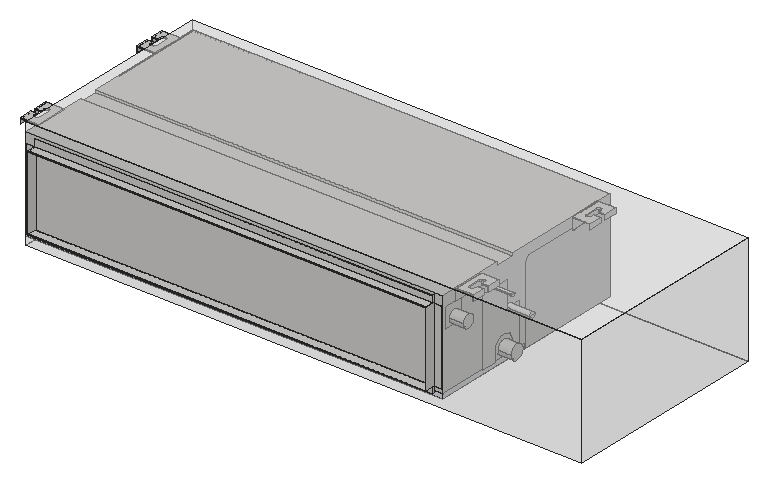
Revit family "outputfile", category 機械設備, Revit 2024
Family settings
  丸型コネクタ寸法 = 半径を使用
  パーツ タイプ = 標準
  OmniClass 番号 = 23.75.10.24.21.27.27
  OmniClass タイトル = Split System Air Conditioning Units
  作業面ベース = いいえ
  常に垂直 = はい
  ロード時にボイドで切り取り = いいえ
  注釈の向きを維持 = いいえ
  共有 = いいえ
  部屋計算ポイント = はい
Parameters (values of type "FXDQ40SPV1")
  Description = ""
  製造元 = "Daikin"
  書き出し IFC クラス(タイプ) = "IfcUnitaryEquipmentType"
  定義済み IFC タイプ(タイプ) = "AIRCONDITIONINGUNIT"
  Cost = 0
  モデル = "FXDQ40SPV1"
  Type Comments = ""
  Keynote = ""
  Type Image = (empty or 0)
  Assembly Code = ""
  w_pipe = 33.0 mm
  r_Liquid Pipe Size = Liquid Pipe Size / 2  # 3.2 mm
  r_Gas Pipe Size = Gas Pipe Size / 2  # 6.35 mm
  r_Drain Pipe Size = Drain Pipe Size / 2  # 10.0 mm
  lw_powersupply = 404.0 mm
  lw_ductflange2 = 830.0 mm
  lw_clearancespace = 1200.0 mm
  lw_Width = 860.0 mm
  lh_suctionflange [instance] = if(Rear Connection_Return Air, 100.0 mm, 190.0 mm)  # 100.0 mm
  lh_liquidpipe = 154.5 mm
  ld_suctionflange [instance] = if(Rear Connection_Return Air, 190.0 mm, 100.0 mm)  # 190.0 mm
  ld_powersupply = 60.0 mm
  angle_vertical_RA [instance] = if(Rear Connection_Return Air, 90.00°, 0.00°)  # 90.00°
  angle horizontal_RA [instance] = if(Rear Connection_Return Air, 180.00°, 270.00°)  # 180.00°
  Voltage_comment_50Hz = "220-240"
  Voltage_50Hz = 230 V
  URL = ""
  Supply Air Direction [instance] = yes
  Sound Power Level_H speed (dB) = 0
  Rear Connection_Return Air [instance] = not(Bottom Connection_Return Air)  # yes
  RA_length = 190.0 mm  # constant formula
  Phase_50Hz = 1
  Minimum External Static Pressure = 20.00 Pa
  Minimum Circuit Amps_50Hz = 1.1 A
  Maximum Fuse Amps_50Hz = 16.0 A
  Maximum External Static Pressure = 50.00 Pa
  Material_Casing = DAIKIN_GalvanizedSteel_Casing_indoorunit
  lw_liquidpipe = 39.2 mm  # constant formula
  lw_gaspipe = 50.6 mm  # constant formula
  lw_mountinghole_pitch = 940.0 mm
  lw_mountinghole = 20.0 mm  # constant formula
  lw_drainpipe = 33.0 mm  # constant formula
  lh_powersupply = 10.0 mm
  lh_gaspipe = 102.0 mm
  lh_mountinghole = Height + [h***]  # 200.0 mm
  lh_drainpipe = 150.0 mm
  lh_antena = 1.0 mm  # constant formula
  ld_liquidpipe = 193.0 mm  # constant formula
  ld_gaspipe = 130.0 mm  # constant formula
  ld_mountinghole_pitch = 0.0 mm  # constant formula
  ld_drainpipe = 280.0 mm
  ld_controlbox = 626.0 mm  # constant formula
  h*** = 0.0 mm  # constant formula
  d_dischargeflange = 21.2 mm  # constant formula
  Width = 900.0 mm
  Version = "ver.1.0"
  Unit Type = "Slim Duct (Standard) Type"
  Unit Mass Weight = 20.00 kg
  Unit Designation [instance] = ""
  Uniclass2015Version = "Products v1.30"
  Uniclass2015Title = "Variable refrigerant flow units"
  Uniclass2015Code = "Pr_70_65_03_94"
  Total Heating Capacity [instance] = 0.000 kW
  Total Cooling Capacity [instance] = 0.000 kW
  Sound Pressure Level_M speed (dBA) = 0
  Sound Pressure Level_L speed (dBA) = 31
  Sound Pressure Level_H speed (dBA) = 35
  Series = "VRV Fan Coil Unit"
  Sensible Cooling Capacity [instance] = 0.000 kW
  SA Duct Size Width = 860.0 mm
  SA Duct Size Height = 160.0 mm
  Refrigerant Type = "R410A"
  RA Duct Size Width = 796.0 mm
  RA Duct Size Height = 172.0 mm
  Power Input (Heating) = 0.152 kW
  Power Input (Cooling) = 0.180 kW
  Option Accessory 3 [instance] = ""
  Option Accessory 2 [instance] = ""
  Option Accessory 1 [instance] = ""
  Nominal Heating Capacity = 5.000 kW
  Nominal Cooling Capacity = 4.500 kW
  Minimum Airflow = 630.00 m³/h
  Median Airflow = 780.00 m³/h
  Maximum Airflow = 900.00 m³/h
  Load Classification = HVAC
  Liquid Pipe Size = 6.4 mm
  Link_Nested Family [instance] = ""
  IfcVersion = "0"
  IfcExportType = "AIRCONDITIONINGUNIT"
  IfcExportAs = "IfcUnitaryEquipmentType"
  Height = 200.0 mm
  Heating Entering Wet Bulb Temperature [instance] = 0.00 °C
  Heating Entering Dry Bulb Temperature [instance] = 0.00 °C
  Heating Ambient Wet Bulb Temperature [instance] = 0.00 °C
  Heating Ambient Dry Bulb Temperature [instance] = 0.00 °C
  Heat Exchanger Type = "Cross Fin Coil"
  Gas Pipe Size = 12.7 mm
  Frequency_50Hz = 50 Hz
  Fan Type = "Sirocco Fan"
  Fan Drive = "Direct Drive"
  FCU Tag No. [instance] = ""
  Drain Pipe Size = 20.0 mm
  Design Supply Airflow [instance] = 0.00 m³/h
  Design Return Airflow [instance] = 0.00 m³/h
  Design External Static Pressure [instance] = 0.00 Pa
  Depth = 450.0 mm
  既定の高さ = 0.0 mm
  Cooling Entering Wet Bulb Temperature [instance] = 0.00 °C
  Cooling Entering Dry Bulb Temperature [instance] = 0.00 °C
  Cooling Ambient Wet Bulb Temperature [instance] = 0.00 °C
  Cooling Ambient Dry Bulb Temperature [instance] = 0.00 °C
  Clearance visibility [instance] = yes
  Clearance Top = 20.0 mm
  Clearance Right = 300.0 mm
  Clearance Rear = 0.0 mm
  Clearance Left = 0.0 mm
  Clearance Front = 0.0 mm
  Clearance Bottom = 20.0 mm
  Bottom Connection_Return Air [instance] = no
Reference planes
  plane 1 "Center (Front/Back)": y = 0
  plane 2: z = 0
  plane 3 "Center (Left/Right)": x = 0
  plane 4 "Back": y = 225
  plane 5 "Front": y = -225
  plane 6 "Left": x = -450
  plane 7 "Right": x = 450
  plane 8 "Top": z = 0
  plane 9 "Bottom": z = -200
  plane 10: x = 330
  plane 11: x = -330
  plane 12: z = -190
  plane 13: z = -6
  plane 14: z = -22
  plane 15: z = -45.5
  plane 16: z = -98
  plane 17: x = -304
  plane 18: x = 304
  plane 19: x = -470
  plane 20: x = 470
  plane 21: y = 165
  plane 22: y = 165
  plane 23: x = -490
  plane 24: x = 390
  plane 25: x = 489.2
  plane 26: x = 500.6
  plane 27: x = 483
  plane 28: z = 0
  plane 29: z = -50
  plane 30 "Clearance Left": x = -450
  plane 31 "Clearance Right": x = 750
  plane 32 "Clearance Rear": y = 225
  plane 33 "Clearance Front": y = -225
  plane 34 "Clearance Top": z = 20
  plane 35 "Clearance Bottom": z = -220
  plane 36: z = -21
  plane 37: z = -170
  plane 38: z = -96.5
  plane 39: y = -46.5
  plane 40: y = -84
  plane 41: y = -197
  plane 42: y = 20
  plane 43: z = -97.5
  plane 44: y = -224
  plane 45: x = -449
  plane 46: z = -100
  plane 47: z = -30
  plane 48: y = 210
  plane 49: z = 301
  plane 50: z = -199
  plane 51: y = 35
  plane 52: z = -101
  plane 53: x = 480
  plane 54: x = 445
  plane 55: x = 455
  plane 56: x = 451
  plane 57: x = 379
  plane 58: x = 449.004
  plane 59: x = -449
  plane 60: x = 404
  plane 61: y = -157.5
  plane 62: y = 157.5
  plane 63: z = -98
  plane 64: z = -45.5
  plane 65: y = -62
  plane 66: y = 224
  plane 67: x = -35
  plane 68: x = 500.6
  plane 69: x = 489.2
Forms (mm)
  Extrusion 1, solid
    sketch origin (0, 0, 0) x (1, 0, 0) y (0, 0, 1)
      loop
        line (-450, -190) -> (-450, -200) -> (450, -200) -> (450, -190) -> (-450, -190)
    from 4.986 to 225
  Extrusion 2, solid, material "DAIKIN_GalvanizedSteel_Casing_indoorunit" <- "Material_Casing"
    sketch origin (0, 0, 0) x (1, 0, 0) y (0, 1, 0)
      loop
        line (-450, -225) -> (450, -225) -> (450, 225) -> (-450, 225) -> (-450, -225)
    from -200 to 0
  Extrusion 3, void
    sketch origin (0, 0, 1) x (1, 0, 0) y (0, 1, 0)
      loop
        line (-450, -36) -> (-450, -78) -> (450, -78) -> (450, -36) -> (-450, -36)
    from -1 to -7
  Revolve 4, solid, material "DAIKIN_GalvanizedSteel_Casing_indoorunit" <- "Material_Casing"
    sketch origin (0, 0, -98) x (0, -1, 0) y (1, 0, 0)
      loop
        line (40.15, 451) -> (46.5, 451) -> (46.5, 500.6) -> (40.15, 500.6) -> (40.15, 451)
      axis (46.5, 451) -> (46.5, 500.6)
    angle from 0 to 360
  Revolve 5, solid, material "DAIKIN_GalvanizedSteel_Casing_indoorunit" <- "Material_Casing"
    sketch origin (0.442, 0, -45.5) x (0, -1, 0) y (1, 0, 0)
      loop
        line (84, 451) -> (84, 488.758) -> (80.8, 488.758) -> (80.8, 451) -> (84, 451)
      axis (84, 488.758) -> (84, 451)
    angle from 0 to 360
  Extrusion 6, solid, material "DAIKIN_GalvanizedSteel_Casing_indoorunit" <- "Material_Casing"
    sketch origin (0, 0, -700) x (0, 1, 0) y (0, 0, 1)
      loop
        circle (-62, 530) r 15
    from 480 to 445
  Extrusion 7, solid, material "DAIKIN_GalvanizedSteel_Casing_indoorunit" <- "Material_Casing"
    sketch origin (0, 0, 0) x (0, 1, 0) y (0, 0, 1)
      loop
        line (-217.5, -66.5) -> (-176.5, -66.5) -> (-176.5, -25.5) -> (-217.5, -25.5) -> (-217.5, -66.5)
    from 450 to 451
  Extrusion 8, solid, material "DAIKIN_GalvanizedSteel_Casing_indoorunit" <- "Material_Casing"
    sketch origin (0, 0, 0) x (0, 1, 0) y (0, 0, 1)
      loop
        circle (-197, -50) r 13
    from 450 to 483
  Extrusion 9, solid, material "DAIKIN_GalvanizedSteel_Casing_indoorunit" <- "Material_Casing"
    sketch origin (0, 0, 0) x (1, 0, 0) y (0, 0, 1)
      loop
        line (-450, -190) -> (-450, -200) -> (450, -200) -> (450, -190) -> (-450, -190)
    from 4.986 to 225
  Extrusion 10, solid, material "DAIKIN_GalvanizedSteel_Casing_indoorunit" <- "Material_Casing", visible <- "Bottom Connection_Return Air"
    sketch origin (0, 0, 0) x (1, 0, 0) y (0, 0, 1)
      loop
        line (379, -200) -> (379, -1) -> (-449, -1) -> (-449, -200) -> (379, -200)
    from -225 to -224
  Extrusion 11, solid, material "DAIKIN_GalvanizedSteel_Casing_indoorunit" <- "Material_Casing", visible <- "Rear Connection_Return Air"
    sketch origin (0, 0, 0) x (1, 0, 0) y (0, 1, 0)
      loop
        line (-449, 225) -> (-449, 26) -> (379, 26) -> (379, 225) -> (-449, 225)
    from -200 to -199
  Extrusion 12, solid, material "DAIKIN_GalvanizedSteel_Casing_indoorunit" <- "Material_Casing"
    sketch origin (0, 0, 0) x (0, 1, 0) y (0, 0, 1)
      loop
        line (-1, -199) -> (225, -199) -> (225, -22) -> (193.393, -22) -> (192.179, -26.532) -> (123.882, -26.532) -> (121.769, -22) -> (6.769, -22) -> (-1, -29.769) -> (-1, -199)
    from 451 to 450
  Extrusion 13, solid, material "DAIKIN_GalvanizedSteel_Casing_indoorunit" <- "Material_Casing"
    sketch origin (0, 0, 0) x (0, 1, 0) y (0, 0, 1)
      loop
        line (-117, -45.5) -> (-117, -190) -> (-22, -190) -> (-22, -98) -> (-40.15, -98)
        arc (-40.15, -98) -> (-46.5, -104.35) -> (-52.85, -98) r 6.35
        line (-52.85, -98) -> (-52.85, -45.5) -> (-80.8, -45.5)
        arc (-80.8, -45.5) -> (-84, -48.7) -> (-87.2, -45.5) r 3.2
        line (-87.2, -45.5) -> (-117, -45.5)
    from 451 to 450
  Extrusion 14, void
    sketch origin (0, 0, 0) x (0, 1, 0) y (0, 0, 1)
      loop
        line (-87, -190) -> (-37, -190) -> (-37, -170)
        arc (-37, -170) -> (-62, -145) -> (-87, -170) r 25
        line (-87, -170) -> (-87, -190)
    from 450 to 451
  Extrusion 15, void
    sketch origin (0, 0, 0) x (1, 0, 0) y (0, 0, 1)
      loop
        line (-449, -1) -> (-449, -209.43) -> (379, -209.43) -> (379, -1) -> (-449, -1)
    from -225 to -26
Cuts and joins
  Extrusion 3, Extrusion 14, Extrusion 15 cuts Extrusion 2
  Extrusion 14, Extrusion 15 cuts Extrusion 9
  Extrusion 14 cuts Extrusion 13
Dimensions and locks
  "lh_powersupply": plane 12 to plane 9 "Bottom"
  locked: plane 8 "Top" to plane 13 at 6
  "Height": plane 8 "Top" to plane 9 "Bottom"
  equal spacing: plane 17, plane 3 "Center (Left/Right)", plane 18, locked at 304 each
  locked: plane 17 to plane 18 at 608
  equal spacing: plane 19, plane 3 "Center (Left/Right)", plane 20
  "lw_mountinghole_pitch": plane 19 to plane 20
  locked: plane 14 to plane 9 "Bottom" at 178
  "lw_mountinghole": plane 23 to plane 19
  locked: plane 15 to plane 9 "Bottom" at 154.5
  "lh_gaspipe": plane 16 to plane 9 "Bottom"
  "lh_mountinghole": plane 28 to plane 9 "Bottom"
  "ld_mountinghole_pitch": plane 22 to plane 21
  equal spacing: plane 6 "Left", plane 3 "Center (Left/Right)", plane 7 "Right"
  "Width": plane 6 "Left" to plane 7 "Right"
  "lh_drainpipe": plane 29 to plane 9 "Bottom"
  "Clearance Right": plane 7 "Right" to plane 31 "Clearance Right"
  "Clearance Left": plane 30 "Clearance Left" to plane 6 "Left"
  "lw_gaspipe": plane 7 "Right" to plane 26
  "lw_liquidpipe": plane 7 "Right" to plane 25
  "lw_drainpipe": plane 7 "Right" to plane 27
  "Clearance Rear": plane 32 "Clearance Rear" to plane 4 "Back"
  "Clearance Front": plane 5 "Front" to plane 33 "Clearance Front"
  "Clearance Top": plane 34 "Clearance Top" to plane 8 "Top"
  "Clearance Bottom": plane 9 "Bottom" to plane 35 "Clearance Bottom"
  "ld_powersupply": plane 4 "Back" to plane 22
  locked: plane 8 "Top" to plane 36 at 21
  locked: plane 8 "Top" to plane 37 at 170
  locked: plane 40 to plane 39 at 37.5
  locked: plane 38 to plane 9 "Bottom" at 103.5
  locked: plane 36 to plane 43 at 76.5
  "Depth": plane 4 "Back" to plane 5 "Front"
  equal spacing: plane 4 "Back", plane 1 "Center (Front/Back)", plane 5 "Front"
  locked: plane 44 to plane 5 "Front" at 1
  locked: plane 45 to plane 6 "Left" at 1
  Extrusion 10 sketch curve to Extrusion 10 sketch curve = 199.0 mm
  locked: plane 12 to plane 46 at 90
  plane 32 "Clearance Rear" to Extrusion 10 = 1.0 mm
  locked: plane 47 to plane 35 "Clearance Bottom" at 190
  plane 48 to nested 12 = 1.0 mm
  plane 49 to plane 28 = 301.0 mm
  locked: plane 50 to plane 9 "Bottom" at 1
  "ld_suctionflange": plane 4 "Back" to plane 51
  locked: plane 52 to plane 9 "Bottom" at 99
  locked: plane 7 "Right" to plane 53 at 30
  locked: plane 54 to plane 7 "Right" at 5
  locked: plane 7 "Right" to plane 55 at 5
  locked: plane 7 "Right" to plane 56 at 1
  locked: plane 7 "Right" to plane 57 at 71
  locked: plane 7 "Right" to plane 58 at 0.996
  locked: plane 59 to plane 6 "Left" at 1
  "lw_powersupply": plane 3 "Center (Left/Right)" to plane 60
  "r_Gas Pipe Size": nested 6 to Revolve 4 sketch curve
  "r_Liquid Pipe Size": nested 5 to Revolve 5 sketch curve
  locked: plane 61 to plane 33 "Clearance Front" at 67.5
  locked: plane 62 to plane 61 at 315
  locked: plane 33 "Clearance Front" to plane 41 at 28
  plane 33 "Clearance Front" to plane 40 = 141.0 mm
  locked: Extrusion 7 sketch curve to Extrusion 7 sketch curve at 41  (x2)
  locked: plane 8 "Top" to plane 64 at 45.5
  plane 64 to plane 63 = 52.5 mm
  locked: plane 33 "Clearance Front" to plane 65 at 163
  plane 33 "Clearance Front" to cut or joined group of Extrusion 2, Extrusion 3, Extrusion 14, Extrusion 15 = 147.0 mm
  nested 12 to plane 67 = 398.0 mm
  "ld_suctionflange": plane 4 "Back" to nested 14
  locked: plane 7 "Right" to plane 68 at 50.6
  locked: plane 7 "Right" to plane 69 at 39.2
  nested 14 to plane 9 "Bottom" = 100.0 mm
  aligned and locked: level to plane 2
  aligned and locked: Extrusion 2 to plane 9 "Bottom"
  aligned and locked: plane 8 "Top" to Extrusion 2
  aligned and locked: Revolve 4 sketch curve to Revolve 4 sketch curve
  aligned and locked: Extrusion 8 to plane 27
  aligned and locked: plane 20 to nested 2
  aligned and locked: plane 19 to nested 3
  aligned and locked: plane 19 to nested 4
  aligned and locked: nested 7 to plane 29
  aligned and locked: Extrusion 8 to nested 7
  aligned and locked: nested 7 to plane 27
  aligned and locked: nested 10 to plane 12
  aligned and locked: Extrusion 9 to plane 5 "Front"
  aligned and locked: Extrusion 9 to plane 9 "Bottom"
  aligned and locked: nested 6 to plane 16
  aligned and locked: nested 8 to plane 44
  aligned and locked: plane 39 to nested 6
  aligned and locked: plane 41 to nested 7
  aligned and locked: Extrusion 11 to nested 12
  aligned and locked: plane 8 "Top" to Extrusion 3
  aligned and locked: plane 9 "Bottom" to Extrusion 11  (x2)
  aligned and locked: Extrusion 11 to plane 50
  aligned and locked: plane 4 "Back" to nested 11
  aligned and locked: plane 32 "Clearance Rear" to nested 13  (x2)
  aligned and locked: nested 13 to plane 33 "Clearance Front"
  aligned and locked: nested 13 to plane 34 "Clearance Top"  (x2)
  aligned and locked: nested 13 to plane 35 "Clearance Bottom"  (x2)
  aligned and locked: plane 4 "Back" to Extrusion 12
  aligned and locked: Extrusion 12 to plane 50
  aligned and locked: plane 7 "Right" to Extrusion 12  (x2)
  aligned and locked: Extrusion 3 to plane 13
  aligned and locked: plane 52 to nested 8
  aligned and locked: plane 7 "Right" to cut or joined group of Extrusion 2, Extrusion 3, Extrusion 14, Extrusion 15
  aligned and locked: Extrusion 6 to plane 54
  aligned and locked: Extrusion 6 to plane 53
  aligned and locked: Extrusion 12 to plane 56
  aligned and locked: Extrusion 7 to plane 56
  aligned and locked: Extrusion 7 to plane 7 "Right"
  aligned and locked: Extrusion 8 to plane 7 "Right"
  aligned and locked: plane 3 "Center (Left/Right)" to nested 15
  aligned and locked: plane 13 to nested 15
  aligned and locked: nested 10 to plane 60
  aligned and locked: plane 20 to nested 1
  aligned and locked: plane 33 "Clearance Front" to nested 15
  aligned and locked: plane 4 "Back" to nested 10
  aligned and locked: Extrusion 2 to plane 5 "Front"
  aligned and locked: plane 3 "Center (Left/Right)" to nested 9
  aligned and locked: nested 9 to plane 1 "Center (Front/Back)"
  aligned and locked: plane 61 to nested 16
  aligned and locked: plane 62 to nested 17
  aligned and locked: nested 19 to plane 61
  aligned and locked: nested 19 to plane 6 "Left"
  aligned and locked: nested 18 to plane 62
  aligned and locked: nested 18 to plane 6 "Left"
  aligned and locked: plane 8 "Top" to nested 19
  aligned and locked: plane 8 "Top" to nested 18
  aligned and locked: plane 8 "Top" to nested 16
  aligned and locked: plane 8 "Top" to nested 17
  aligned and locked: plane 64 to Revolve 5
  aligned and locked: plane 63 to Revolve 4
  aligned and locked: plane 7 "Right" to Extrusion 13
  aligned and locked: plane 56 to Extrusion 13
  aligned and locked: plane 64 to Extrusion 13  (x2)
  aligned and locked: plane 63 to Extrusion 13
  aligned and locked: Extrusion 13 to plane 12
  aligned and locked: plane 56 to cut or joined group of Extrusion 2, Extrusion 3, Extrusion 14, Extrusion 15
  aligned and locked: cut or joined group of Extrusion 2, Extrusion 3, Extrusion 14, Extrusion 15 to plane 7 "Right"
  aligned and locked: Extrusion 6 sketch curve to plane 65
  aligned and locked: plane 37 to Extrusion 6
  aligned and locked: nested 12 to plane 59
  aligned and locked: plane 4 "Back" to Extrusion 15
  aligned and locked: nested 11 to plane 59
  aligned and locked: Extrusion 11 to plane 57
  aligned and locked: Extrusion 10 to plane 59
  aligned and locked: Extrusion 10 to plane 57
  aligned and locked: plane 67 to nested 14
  aligned and locked: nested 11 to plane 50
  aligned and locked: plane 40 to nested 5
  aligned and locked: nested 5 to plane 64
  aligned and locked: plane 31 "Clearance Right" to nested 13
  aligned and locked: plane 7 "Right" to nested 16
  aligned and locked: plane 7 "Right" to nested 17
  aligned and locked: nested 1 to plane 62
  aligned and locked: nested 2 to plane 61
  aligned and locked: nested 3 to plane 61
  aligned and locked: nested 4 to plane 62
  aligned and locked: Revolve 4 to plane 68
  aligned and locked: plane 68 to nested 6
  aligned and locked: Revolve 5 to plane 69
  aligned and locked: plane 69 to nested 5
  aligned and locked: level to plane 8 "Top"
  aligned and locked: plane 16 to plane 63
Automatic sketch dimensions
  Extrusion 1 sketch curve to plane 6 "Left" = 0.0 mm
  Extrusion 1 sketch curve to plane 7 "Right" = 0.0 mm
  Extrusion 1 sketch curve to plane 9 "Bottom" = 0.0 mm
  Extrusion 1 sketch curve to plane 12 = 0.0 mm
  Extrusion 2 sketch curve to plane 4 "Back" = 0.0 mm
  Extrusion 2 sketch curve to plane 6 "Left" = 0.0 mm
  Extrusion 2 sketch curve to plane 7 "Right" = 0.0 mm
  Extrusion 2 sketch curve to plane 44 = 1.0 mm
  Extrusion 3 sketch curve to plane 6 "Left" = 0.0 mm
  Extrusion 3 sketch curve to plane 7 "Right" = 0.0 mm
  plane 1 "Center (Front/Back)" to Extrusion 3 sketch curve = 78.0 mm
  Extrusion 3 sketch curve to plane 42 = 56.0 mm
  Extrusion 6 sketch curve to plane 37 = 0.0 mm
  Extrusion 8 sketch curve to plane 41 = 0.0 mm
  Extrusion 9 sketch curve to plane 6 "Left" = 0.0 mm
  Extrusion 9 sketch curve to plane 7 "Right" = 0.0 mm
  Extrusion 9 sketch curve to plane 9 "Bottom" = 0.0 mm
  Extrusion 9 sketch curve to plane 12 = 0.0 mm
  Extrusion 11 sketch curve to plane 45 = 0.0 mm
  Extrusion 11 sketch curve to plane 4 "Back" = 0.0 mm
  plane 18 to Extrusion 11 sketch curve = 75.0 mm
  plane 42 to Extrusion 11 sketch curve = 6.0 mm
  Revolve 4 sketch curve to plane 26 = 0.0 mm
  Revolve 4 sketch curve to plane 39 = 0.0 mm
  Revolve 4 sketch curve to Revolve 4 sketch curve = 1.003 mm
  plane 26 to Revolve 4 sketch curve = 1.003 mm
  plane 15 to Extrusion 7 sketch curve = 20.0 mm
  plane 44 to Extrusion 7 sketch curve = 6.5 mm
  Extrusion 8 sketch curve to plane 29 = 0.0 mm
  Revolve 4 sketch curve to plane 56 = 0.0 mm
  Extrusion 13 sketch curve to plane 64 = 0.0 mm
  Extrusion 13 sketch curve to plane 12 = 0.0 mm
  Extrusion 13 sketch curve to plane 40 = 0.0 mm
  Extrusion 13 sketch curve to plane 63 = 0.0 mm
  Extrusion 13 sketch curve to plane 39 = 0.0 mm
  Extrusion 13 sketch curve to Extrusion 13 sketch curve = 3.2 mm
  Extrusion 13 sketch curve to Extrusion 13 sketch curve = 29.8 mm
  Extrusion 13 sketch curve to plane 39 = 6.35 mm
  Extrusion 13 sketch curve to Extrusion 13 sketch curve = 18.15 mm
  Extrusion 14 sketch curve to plane 12 = 0.0 mm
  Extrusion 14 sketch curve to plane 37 = 0.0 mm
  Extrusion 14 sketch curve to plane 65 = 0.0 mm
  Extrusion 14 sketch curve to plane 40 = 3.0 mm
  plane 45 to Extrusion 10 sketch curve = 0.0 mm
  Extrusion 10 sketch curve to plane 50 = 1.0 mm
  plane 45 to Extrusion 15 sketch curve = 0.0 mm
  plane 57 to Extrusion 15 sketch curve = 0.0 mm
  Extrusion 15 sketch curve to plane 9 "Bottom" = 9.43 mm
  Extrusion 15 sketch curve to plane 8 "Top" = 1.0 mm
  plane 57 to Extrusion 10 sketch curve = 0.0 mm
  Extrusion 12 sketch curve to plane 50 = 0.0 mm
  Extrusion 12 sketch curve to plane 14 = 0.0 mm  (x2)
  Extrusion 12 sketch curve to plane 4 "Back" = 0.0 mm
  plane 47 to Extrusion 12 sketch curve = 3.468 mm
  Extrusion 12 sketch curve to plane 48 = 17.821 mm
  Extrusion 12 sketch curve to plane 62 = 33.618 mm
  Extrusion 12 sketch curve to Extrusion 12 sketch curve = 2.113 mm
  Extrusion 12 sketch curve to plane 1 "Center (Front/Back)" = 6.769 mm
  plane 1 "Center (Front/Back)" to Extrusion 12 sketch curve = 1.0 mm
  plane 47 to Extrusion 12 sketch curve = 0.231 mm
  Extrusion 12 sketch curve to Extrusion 12 sketch curve = 1.214 mm
  Revolve 5 sketch curve to plane 40 = 0.0 mm  (x2)
  plane 25 to Revolve 5 sketch curve = 0.442 mm
  plane 56 to Revolve 5 sketch curve = 0.442 mm  (x2)
  Revolve 5 sketch curve to plane 25 = 0.0 mm
  radius of Extrusion 6 sketch curve = 15.0 mm
  radius of Extrusion 8 sketch curve = 13.0 mm
Nested families
  nested 1: "daikin_mountinghole" at (470, 157.5, -200), l_antenna <- "lh_antena", Link_Nested Family <- "Link_Nested Family", h_mountinghole <- "lh_mountinghole", type "daikin_mountinghole"
    with show yes, l_antenna 1.0 mm, h_mountinghole 200.0 mm, Link_Nested Family ""
  nested 2: "daikin_mountinghole" at (470, -157.5, -200), Link_Nested Family <- "Link_Nested Family", l_antenna <- "lh_antena", h_mountinghole <- "lh_mountinghole", type "daikin_mountinghole"
    with show yes, l_antenna 1.0 mm, h_mountinghole 200.0 mm, Link_Nested Family ""
  nested 3: "daikin_mountinghole" at (-470, -157.5, -200), l_antenna <- "lh_antena", Link_Nested Family <- "Link_Nested Family", h_mountinghole <- "lh_mountinghole", type "daikin_mountinghole"
    with show yes, l_antenna 1.0 mm, h_mountinghole 200.0 mm, Link_Nested Family ""
  nested 4: "daikin_mountinghole" at (-470, 157.5, -200), l_antenna <- "lh_antena", Link_Nested Family <- "Link_Nested Family", h_mountinghole <- "lh_mountinghole", type "daikin_mountinghole"
    with show yes, l_antenna 1.0 mm, h_mountinghole 200.0 mm, Link_Nested Family ""
  nested 5: "daikin_connector_rotate2" at (450, -84, -45.5) x (0, 1, 0) z (0, 0, 1), length <- "lw_liquidpipe", radius <- "r_Liquid Pipe Size", built-in parameter 1001364 <- "lh_liquidpipe", type "daikin_connector_rotate2"
    with radius 3.2 mm, length 39.2 mm, angle_vertical 90.00°, show_face no
  nested 6: "daikin_connector_rotate2" at (450, -46.5, -98) x (0, 1, 0) z (0, 0, 1), length <- "lw_gaspipe", built-in parameter 1001364 <- "lh_gaspipe", radius <- "r_Gas Pipe Size", type "daikin_connector_rotate2"
    with radius 6.35 mm, length 50.6 mm, angle_vertical 90.00°, show_face no
  nested 7: "daikin_connector_rotate2" at (450, -197, -50) x (0, 1, 0) z (0, 0, 1), built-in parameter 1001364 <- "lh_drainpipe", length <- "lw_drainpipe", radius <- "r_Drain Pipe Size", type "daikin_connector_rotate2"
    with radius 10.0 mm, length 33.0 mm, angle_vertical 90.00°, show_face no
  nested 8: "daikin_connector_rotate2" at (0, -224, -101), length <- "d_dischargeflange", type "daikin_connector_rotate2"
    with radius 10.0 mm, length 21.2 mm, angle_vertical 90.00°, show_face no
  nested 9: "daikin_△_symbolicline" at (-50, -86.603, 200) x (-0.5, 0.866, 0) z (0, 0, 1), built-in parameter 1001364 <- "Height", visible <- "Supply Air Direction", type "daikin_△_symbolicline"
    with length 200.0 mm
  nested 10: "daikin_connector_rotate2" at (404, 165, -190) x (-1, 0, 0) z (0, 0, 1), built-in parameter 1001364 <- "lw_powersupply", length <- "ld_powersupply", type "daikin_connector_rotate2"
    with radius 10.0 mm, length 60.0 mm, angle_vertical 90.00°, show_face no
  nested 11: "daikin_ductflange_FXDQ-SPV1_2" at (-35, 225, -100), visible <- "Rear Connection_Return Air", material <- "Material_Casing", width <- "lw_ductflange2", type "daikin_ductflange_FXDQ-SPV1_2"
    with width 830.0 mm, material DAIKIN_GalvanizedSteel_Casing_indoorunit, height 180.0 mm, depth 21.2 mm
  nested 12: "daikin_ductflange_FXDQ-SPV1_2" at (-35, 125, -200) x (1, 0, 0) z (0, 1, 0), visible <- "Bottom Connection_Return Air", material <- "Material_Casing", width <- "lw_ductflange2", type "daikin_ductflange_FXDQ-SPV1_2"
    with width 830.0 mm, material DAIKIN_GalvanizedSteel_Casing_indoorunit, height 180.0 mm, depth 21.2 mm
  nested 13: "daikin_clearancespace" at (150, 0, -99.881), visible <- "Clearance visibility", show <- "Clearance visibility", width <- "lw_clearancespace", Link_Nested Family <- "Link_Nested Family", type "daikin_clearancespace"
    with width 1200.0 mm, show yes, height 240.0 mm, depth 450.0 mm, Link_Nested Family ""
  nested 14: "daikin_connector_rotate3" at (-35, 35, -100), built-in parameter 1001364 <- "lh_suctionflange", angle_vertical <- "angle_vertical_RA", angle_horizontal <- "angle horizontal_RA", length <- "RA_length", type "daikin_connector_rotate3"
    with show no, radius 10.0 mm, length 190.0 mm, angle_vertical 90.00°, angle_horizontal 180.00°
  nested 15: "daikin_ductflange_FXDQ-SPV1_1" at (0, 88.5, -371.201), width <- "lw_Width", material <- "Material_Casing", type "daikin_ductflange_FXDQ-SPV1_1"
    with width 860.0 mm, material DAIKIN_GalvanizedSteel_Casing_indoorunit, height 162.0 mm, depth 21.2 mm
  nested 16: "daikin_hangerfixture_FXDQ-SPV1" at (450, -157.5, 0) x (0, 1, 0) z (0, 0, 1), type "daikin_hangerfixture_FXDQ-SPV1"
  nested 17: "daikin_hangerfixture_FXDQ-SPV1" at (450, 157.5, 0) x (0, 1, 0) z (0, 0, 1), type "daikin_hangerfixture_FXDQ-SPV1"
  nested 18: "daikin_hangerfixture_FXDQ-SPV1" at (-450, 157.5, 0) x (0, -1, 0) z (0, 0, 1), type "daikin_hangerfixture_FXDQ-SPV1"
  nested 19: "daikin_hangerfixture_FXDQ-SPV1" at (-450, -157.5, 0) x (0, -1, 0) z (0, 0, 1), type "daikin_hangerfixture_FXDQ-SPV1"
Connectors
  piping at (500.6, -46.5, -98), diameter 12.7, driven by "r_Gas Pipe Size"
    settings: on nested 6, index 1, connector inside diameter 609.6 mm, connector length 0.0 mm, flow factor 0, pipe flow 0.00 m³/h, pressure drop 0.0 Pa, fitting loss kfactor 0, connector angle 0.00°, fixture units 0, engagement length 0.0 mm, angle of deflection 0.00°, flow configuration 1, flow direction 2, fitting loss method 0, system type 29, joint type 0, gender type 0, connector reference index -1, connector utility 0, adjustable connector no, is connector primary yes, connector description "Refrigerant Gas Piping"
  piping at (489.2, -84, -45.5), diameter 6.4, driven by "r_Liquid Pipe Size"
    settings: on nested 5, index 2, connector inside diameter 609.6 mm, connector length 0.0 mm, flow factor 0, pipe flow 0.00 m³/h, pressure drop 0.0 Pa, fitting loss kfactor 0, connector angle 0.00°, fixture units 0, engagement length 0.0 mm, angle of deflection 0.00°, flow configuration 1, flow direction 1, fitting loss method 0, system type 29, joint type 0, gender type 0, connector reference index -1, connector utility 0, adjustable connector no, is connector primary no, connector description "Refrigerant Liquid Piping"
  piping at (483, -197, -50), diameter 20, driven by "r_Drain Pipe Size"
    settings: on nested 7, index 3, connector inside diameter 609.6 mm, connector length 0.0 mm, flow factor 0, pipe flow 0.00 m³/h, pressure drop 0.0 Pa, fitting loss kfactor 0, connector angle 0.00°, fixture units 0, engagement length 0.0 mm, angle of deflection 0.00°, flow configuration 1, flow direction 2, fitting loss method 4, system type 16, joint type 0, gender type 0, connector reference index -1, connector utility 0, adjustable connector no, is connector primary no, connector description "Condensate Drain Piping"
  hvac at (0, -245.2, -101), driven by "SA Duct Size Height", driven by "SA Duct Size Width"
    settings: on nested 8, index 7, duct flow 0.00 m³/h, flow factor 0, pres drop 0.00 Pa, loss coef 0, conn angle 0.00°, conn width 860.0 mm, conn height 160.0 mm, conn diameter 609.6 mm, duct sys type 1, conn prof type 1, flow config 0, flow direction 2, loss method 4, conn ref index -1, conn util no, is conn primary yes, conn desc "SA Duct"
  electrical at (404, 225, -190), driven by "Load Classification"
    settings: on nested 10, index 9, voltage 0 V, apparent load 0 VA, apparent load phase1 0 VA, apparent load phase2 0 VA, apparent load phase3 0 VA, power factor 1, load classification "HVAC", number of poles 1, system type 30, power factor state 1, is connector primary yes, connector utility no, sub classification motor no, connector description "Power Supply"
  hvac at (-35, 225, -100), driven by "RA Duct Size Height", driven by "RA Duct Size Width"
    settings: on nested 14, index 10, duct flow 0.00 m³/h, flow factor 0, pres drop 0.00 Pa, loss coef 0, conn angle 0.00°, conn width 796.0 mm, conn height 172.0 mm, conn diameter 609.6 mm, duct sys type 2, conn prof type 1, flow config 0, flow direction 1, loss method 4, conn ref index -1, conn util no, is conn primary no, conn desc "RA Duct"
Definition of nested family "daikin_ductflange_FXDQ-SPV1_2"
  Parameters (values of type "daikin_ductflange_FXDQ-PDVE2")
    width [instance] = 630.0 mm
    material [instance] = none
    height [instance] = 186.0 mm
    depth [instance] = 21.2 mm
    Default Elevation = 0.0 mm
  Reference planes
    plane 1 "Center (Front/Back)": y = 0
    plane 2: z = 0
    plane 3 "Center (Left/Right)": x = 0
    plane 4: y = -313.5
    plane 5: y = -334.7
    plane 6: x = -315
    plane 7: x = 315
    plane 8: z = 86
    plane 9: z = -86
    plane 10: z = 100
    plane 11: z = -100
    plane 12: x = -314
    plane 13: x = 314
  Forms (mm)
    Extrusion 1, solid, material <- "material"
      sketch origin (0, 0, 0) x (1, 0, 0) y (0, 0, 1)
        loop
          line (-298, 86) -> (-298, -86) -> (298, -86) -> (298, 86) -> (-298, 86)
        loop
          line (-314, -99) -> (314, -99) -> (314, 99) -> (-314, 99) -> (-314, -99)
      from 0 to 1
  Dimensions and locks
    plane 4 to plane 1 "Center (Front/Back)" = 313.5 mm
    "depth": plane 5 to plane 4
    equal spacing: plane 7, plane 3 "Center (Left/Right)", plane 6
    "width": plane 7 to plane 6
    equal spacing: plane 10, level, plane 11, locked at 100 each
    locked: plane 10 to plane 11 at 200
    plane 12 to plane 6 = 1.0 mm
    locked: plane 7 to plane 13 at 1
    plane 10 to Extrusion 1 sketch curve = 1.0 mm
    Extrusion 1 sketch curve to plane 11 = 1.0 mm
    locked: Extrusion 1 sketch curve to Extrusion 1 sketch curve at 13  (x2)
    locked: Extrusion 1 sketch curve to Extrusion 1 sketch curve at 16  (x2)
    locked: plane 10 to plane 8 at 14
    locked: plane 9 to plane 11 at 14
    plane 8 to plane 2 to plane 9 = 86.0 mm, 86.0 mm
    plane 8 to plane 9 = 172.0 mm
    aligned and locked: level to plane 2
  Automatic sketch dimensions
    plane 6 to Extrusion 1 sketch curve = 1.0 mm
    Extrusion 1 sketch curve to plane 7 = 1.0 mm
Definition of nested family "daikin_clearancespace"
  Parameters (values of type "daikin_clearancespace")
    width [instance] = 1823.963 mm
    show [instance] = yes
    material = none
    height [instance] = 1359.762 mm
    depth [instance] = 880.0 mm
    Default Elevation = 0.0 mm
    Link_Nested Family [instance] = ""
  Reference planes
    plane 1 "Center (Front/Back)": y = 0
    plane 2 "Center (Elevation)": z = -0.119
    plane 3 "Center (Left/Right)": x = 0
    plane 4: y = 440
    plane 5: y = -440
    plane 6 "Right": x = 911.982
    plane 7 "Left": x = -911.982
    plane 8 "Top": z = 679.762
    plane 9 "Bottom": z = -680
  Forms (mm)
    Extrusion 1, solid, material <- "material", visible <- "show"
      sketch origin (0, 0, 0) x (1, 0, 0) y (0, 1, 0)
        loop
          line (-911.982, 440) -> (-911.982, -440) -> (911.982, -440) -> (911.982, 440) -> (-911.982, 440)
      from -680 to 679.762
  Lines and regions (mm)
    symbolic lines, visible <- "show"
      curve 1: line (911.982, 440, 0) -> (-911.982, 440, 0)
      curve 2: line (-911.982, 440, 0) -> (-911.982, -440, 0)
      curve 3: line (-911.982, -440, 0) -> (911.982, -440, 0)
      curve 4: line (911.982, -440, 0) -> (911.982, 440, 0)
      curve 5: line (911.982, 0, 679.762) -> (-911.982, 0, 679.762)
      curve 6: line (911.982, 0, -680) -> (911.982, 0, 679.762)
      curve 7: line (-911.982, 0, -680) -> (911.982, 0, -680)
      curve 8: line (-911.982, 0, 679.762) -> (-911.982, 0, -680)
      curve 9: line (0, 440, 679.762) -> (0, -440, 679.762)
      curve 10: line (0, -440, 679.762) -> (0, -440, -680)
      curve 11: line (0, 440, -680) -> (0, 440, 679.762)
      curve 12: line (0, -440, -680) -> (0, 440, -680)
  Dimensions and locks
    "width": plane 7 "Left" to plane 6 "Right"
    "depth": plane 4 to plane 5
    "height": plane 8 "Top" to plane 9 "Bottom"
    equal spacing: plane 7 "Left", plane 3 "Center (Left/Right)", plane 6 "Right"
    equal spacing: plane 4, plane 1 "Center (Front/Back)", plane 5
    equal spacing: plane 8 "Top", plane 2 "Center (Elevation)", plane 9 "Bottom"
    aligned and locked: level to plane 2 "Center (Elevation)"
    aligned and locked: Extrusion 1 sketch curve to plane 4
    aligned and locked: plane 7 "Left" to Extrusion 1 sketch curve
    aligned and locked: Extrusion 1 sketch curve to plane 5
    aligned and locked: Extrusion 1 sketch curve to plane 6 "Right"
    aligned and locked: plane 8 "Top" to Extrusion 1
    aligned and locked: curve 1 to Extrusion 1
    aligned and locked: curve 2 to Extrusion 1
    aligned and locked: curve 3 to Extrusion 1
    aligned and locked: curve 4 to Extrusion 1
    aligned and locked: curve 5 to Extrusion 1
    aligned and locked: curve 6 to Extrusion 1
    aligned and locked: curve 7 to Extrusion 1
    aligned and locked: curve 8 to Extrusion 1
    aligned and locked: curve 9 to Extrusion 1
    aligned and locked: curve 10 to Extrusion 1
    aligned and locked: curve 11 to Extrusion 1
    aligned and locked: curve 12 to Extrusion 1
    aligned and locked: Extrusion 1 to plane 9 "Bottom"
Definition of nested family "daikin_ductflange_FXDQ-SPV1_1"
  Parameters (values of type "daikin_ductflange_FXDQ-PDVE")
    width [instance] = 862.0 mm
    material [instance] = none
    height [instance] = 162.0 mm
    depth [instance] = 21.2 mm
    Default Elevation = 0.0 mm
  Reference planes
    plane 1 "Center (Front/Back)": y = 0
    plane 2: z = 189.201
    plane 3 "Center (Left/Right)": x = 0
    plane 4: y = -313.5
    plane 5: x = -431
    plane 6: x = 431
    plane 7: y = -334.7
    plane 8: z = 351.201
    plane 9: z = 270.201
    plane 10: z = 350.201
    plane 11: z = 190.201
  Forms (mm)
    Extrusion 1, solid, material <- "material"
      sketch origin (0, 0, 189.201) x (1, 0, 0) y (0, 1, 0)
        loop
          line (-431, -334.7) -> (-431, -313.5) -> (-449, -313.5) -> (-449, -314.5) -> (-432, -314.5) -> (-432, -334.7) -> (-431, -334.7)
        loop
          line (431, -334.7) -> (432, -334.7) -> (432, -314.5) -> (449, -314.5) -> (449, -313.5) -> (431, -313.5) -> (431, -334.7)
      from 1 to 161
    Extrusion 2, solid, material <- "material"
      sketch origin (0, 0, 0) x (0, 1, 0) y (0, 0, 1)
        loop
          line (-313.5, 350.201) -> (-313.5, 365.201) -> (-314.5, 365.201) -> (-314.5, 351.201) -> (-334.7, 351.201) -> (-334.7, 350.201) -> (-313.5, 350.201)
        loop
          line (-313.5, 190.201) -> (-334.7, 190.201) -> (-334.7, 189.201) -> (-314.5, 189.201) -> (-314.5, 175.201) -> (-313.5, 175.201) -> (-313.5, 190.201)
      from -431 to 431
  Dimensions and locks
    plane 4 to plane 1 "Center (Front/Back)" = 313.5 mm
    "depth": plane 7 to plane 4
    equal spacing: plane 8, plane 9, level, locked at 81 each
    "height": plane 8 to level
    equal spacing: plane 6, plane 3 "Center (Left/Right)", plane 5
    "width": plane 6 to plane 5
    plane 5 to plane 6 = 862.0 mm
    locked: plane 8 to plane 10 at 1
    locked: plane 11 to level at 1
    locked: Extrusion 1 to Extrusion 2 sketch curve at 1
    locked: Extrusion 2 sketch curve to Extrusion 1 at 1
    locked: Extrusion 1 sketch curve to Extrusion 1 sketch curve at 1
    locked: Extrusion 1 sketch curve to plane 5 at 18
    locked: Extrusion 1 to plane 5 at 18
    locked: plane 6 to Extrusion 1 at 18
    locked: plane 5 to Extrusion 1 at 18
    locked: Extrusion 1 to plane 6 at 18
    aligned and locked: level to plane 2
    aligned and locked: Extrusion 2 to plane 5
    aligned and locked: Extrusion 2 to plane 11
    aligned and locked: Extrusion 2 to plane 10
    aligned and locked: plane 6 to Extrusion 2
    aligned and locked: plane 5 to Extrusion 2  (x2)
    aligned and locked: plane 5 to Extrusion 1  (x2)
    aligned and locked: Extrusion 1 to plane 6
    aligned and locked: plane 6 to Extrusion 1
  Automatic sketch dimensions
    Extrusion 1 sketch curve to plane 4 = 0.0 mm  (x2)
    Extrusion 1 sketch curve to plane 7 = 0.0 mm  (x2)
    plane 5 to Extrusion 1 sketch curve = 0.0 mm
    Extrusion 1 sketch curve to plane 5 = 1.0 mm
    plane 6 to Extrusion 1 sketch curve = 1.0 mm
    Extrusion 2 sketch curve to plane 7 = 0.0 mm  (x2)
    Extrusion 2 sketch curve to plane 4 = 0.0 mm  (x2)
    Extrusion 2 sketch curve to plane 11 = 0.0 mm
    Extrusion 2 sketch curve to plane 10 = 0.0 mm
    Extrusion 2 sketch curve to plane 4 = 1.0 mm  (x2)
    Extrusion 2 sketch curve to level = 14.0 mm
    plane 8 to Extrusion 2 sketch curve = 14.0 mm
    Extrusion 1 sketch curve to Extrusion 1 sketch curve = 17.0 mm
    Extrusion 1 sketch curve to plane 4 = 1.0 mm
    Extrusion 1 sketch curve to plane 6 = 0.0 mm
Definition of nested family "daikin_hangerfixture_FXDQ-SPV1"
  Parameters (values of type "daikin_hangerfixture_FXDQ-SPV1")
    width = 700.0 mm
    material = none
    height = 30.0 mm
    depth = 619.0 mm
    Default Elevation = 0.0 mm
  Reference planes
    plane 1 "Center (Front/Back)": y = 0
    plane 2: z = 0
    plane 3 "Center (Left/Right)": x = 0
    plane 4: x = -34
    plane 5: x = 34
    plane 6: y = -39.5
    plane 7: z = -24.5
  Forms (mm)
    Extrusion 1, solid, material <- "material"
      sketch origin (0, 0, 0) x (0, 1, 0) y (0, 0, 1)
        loop
          line (0, 0) -> (-39.5, 0) -> (-39.5, -11) -> (-38, -11) -> (-38, -1.5) -> (-1.5, -1.5) -> (-1.5, -24.5) -> (0, -24.5) -> (0, 0)
      from -34 to 34
    Extrusion 2, void
      sketch origin (0, 0, 0) x (1, 0, 0) y (0, 1, 0)
        loop
          line (6.5, -39.5) -> (6.5, -26.5) -> (12.5, -26.5)
          arc (12.5, -26.5) -> (18.5, -20.5) -> (12.5, -14.5) r 6
          line (12.5, -14.5) -> (-12.5, -14.5)
          arc (-12.5, -14.5) -> (-18.5, -20.5) -> (-12.5, -26.5) r 6
          line (-12.5, -26.5) -> (-6.5, -26.5) -> (-6.5, -39.5) -> (6.5, -39.5)
      from -70.244 to 68
  Cuts and joins
    Extrusion 2 cuts Extrusion 1
  Dimensions and locks
    equal spacing: plane 4, plane 3 "Center (Left/Right)", plane 5, locked at 34 each
    locked: plane 4 to plane 5 at 68
    locked: plane 6 to plane 1 "Center (Front/Back)" at 39.5
    locked: plane 2 to plane 7 at 24.5
    aligned and locked: level to plane 2
    aligned and locked: plane 2 to Extrusion 1
    aligned and locked: Extrusion 1 to plane 1 "Center (Front/Back)"  (x2)
    aligned and locked: Extrusion 1 to plane 4
    aligned and locked: plane 5 to Extrusion 1
    aligned and locked: Extrusion 1 to plane 6  (x2)
    aligned and locked: Extrusion 1 to plane 7
    aligned and locked: plane 4 to Extrusion 1
    aligned and locked: Extrusion 1 to plane 5
  Automatic sketch dimensions
    Extrusion 1 sketch curve to level = 0.0 mm
    Extrusion 1 sketch curve to plane 1 "Center (Front/Back)" = 0.0 mm
    plane 1 "Center (Front/Back)" to Extrusion 1 sketch curve = 1.5 mm
    Extrusion 1 sketch curve to level = 1.5 mm
    Extrusion 1 sketch curve to Extrusion 1 sketch curve = 36.5 mm
    Extrusion 1 sketch curve to Extrusion 1 sketch curve = 1.5 mm
    Extrusion 1 sketch curve to Extrusion 1 sketch curve = 9.5 mm
    Extrusion 1 sketch curve to Extrusion 1 sketch curve = 23.0 mm
    Extrusion 2 sketch curve to plane 6 = 0.0 mm
    Extrusion 2 sketch curve to plane 3 "Center (Left/Right)" = 12.5 mm
    Extrusion 2 sketch curve to Extrusion 2 sketch curve = 6.0 mm  (x3)
    plane 3 "Center (Left/Right)" to Extrusion 2 sketch curve = 6.5 mm
    Extrusion 2 sketch curve to Extrusion 2 sketch curve = 13.0 mm
    Extrusion 2 sketch curve to Extrusion 2 sketch curve = 0.0 mm
Definition of nested family "daikin_mountinghole"
  Parameters (values of type "daikin_mountinghole")
    Default Elevation = 1219.2 mm
    Type Comments = "mountinghole"
    show [instance] = yes
    material = none
    l_centerline = 100.0 mm
    l_antenna [instance] = 100.0 mm
    h_mountinghole [instance] = 0.0 mm
    d_circle = 30.0 mm
    Link_Nested Family [instance] = ""
  Reference planes
    plane 1 "Center (Front/Back)": y = 0
    plane 2: z = 0
    plane 3 "Center (Left/Right)": x = 0
    plane 4: y = 50
    plane 5: x = -50
    plane 6: x = 50
    plane 7: y = -50
    plane 8 "h_mountinghole": z = 0
    plane 9: z = 100
  Lines and regions (mm)
    model lines, detail levels fine
      curve 1: circle (0, 0, 0) r 15 normal (0, 0, 1)
      curve 2: line (-50, 0, 0) -> (50, 0, 0)
      curve 3: line (0, 50, 0) -> (0, -50, 0)
    symbolic lines, detail levels fine
      curve 4: circle (0, 0, 0) r 15 normal (0, 0, 1)
      curve 5: line (-50, 0, 0) -> (50, 0, 0)
      curve 6: line (0, 50, 0) -> (0, -50, 0)
    model lines
      curve 7: line (0, 0, 100) -> (0, 0, 0)
  Dimensions and locks
    equal spacing: plane 4, plane 1 "Center (Front/Back)", plane 7
    "l_centerline": plane 4 to plane 7
    equal spacing: plane 5, plane 3 "Center (Left/Right)", plane 6
    "l_centerline": plane 5 to plane 6
    "l_antenna": plane 9 to plane 8 "h_mountinghole"
    "h_mountinghole": plane 8 "h_mountinghole" to plane 2
    "d_circle": diameter of curve 1
    "d_circle": diameter of curve 4
    aligned and locked: level to plane 2
    aligned and locked: plane 1 "Center (Front/Back)" to curve 1
    aligned and locked: plane 3 "Center (Left/Right)" to curve 1
    aligned and locked: plane 1 "Center (Front/Back)" to curve 2
    aligned and locked: curve 3 to plane 3 "Center (Left/Right)"
    aligned and locked: plane 6 to curve 2
    aligned and locked: plane 5 to curve 2
    aligned and locked: plane 4 to curve 3
    aligned and locked: plane 7 to curve 3
    aligned and locked: plane 1 "Center (Front/Back)" to curve 4
    aligned and locked: plane 3 "Center (Left/Right)" to curve 4
    aligned and locked: plane 6 to curve 5
    aligned and locked: plane 5 to curve 5
    aligned and locked: plane 1 "Center (Front/Back)" to curve 5
    aligned and locked: plane 4 to curve 6
    aligned and locked: plane 7 to curve 6
    aligned and locked: curve 6 to plane 3 "Center (Left/Right)"
    aligned and locked: curve 7 to plane 3 "Center (Left/Right)"
    aligned and locked: plane 9 to curve 7
    aligned and locked: plane 8 "h_mountinghole" to curve 7
Definition of nested family "daikin_connector_rotate2"
  Parameters (values of type "daikin_connector_rotate2")
    show_face = yes
    radius [instance] = 10.0 mm
    length [instance] = 600.0 mm
    d_surface = 10.0 mm
    angle_vertical [instance] = 90.00°
    Default Elevation = 0.0 mm
  Reference planes
    plane 1 "Center (Front/Back)": y = 0
    plane 2: z = 0
    plane 3 "Center (Left/Right)": x = 0
  Forms (mm)
    Extrusion 1, solid, visible <- "show_face"
      sketch origin (0, -600, 0) x (1, 0, 0) y (0, 0, 1)
        loop
          circle (0, 0) r 10
      from 0 to -10
  Lines and regions (mm)
    reference lines
      curve 1: line (0, 0, 0) -> (0, -600, 0)
    symbolic lines
      curve 2: circle (0, 0, 0) r 5 normal (0, 0, 1)
    model lines, visible <- "show_face"
      curve 3: line (0, 0, 0) -> (0, -600, 0)
  Dimensions and locks
    "length": curve 1 to curve 1
    "length": curve 3 to curve 3
    "d_surface": Extrusion 1 to Extrusion 1
    "radius": radius of Extrusion 1 sketch curve
    "angle_vertical": angle curve 1 to plane 1 "Center (Front/Back)"
    "angle_vertical": angle curve 3 to plane 1 "Center (Front/Back)"
    aligned and locked: level to plane 2
    aligned and locked: plane 1 "Center (Front/Back)" to curve 1
    aligned and locked: plane 2 to curve 1
    aligned and locked: plane 1 "Center (Front/Back)" to curve 2
    aligned and locked: plane 3 "Center (Left/Right)" to curve 2
    aligned and locked: plane 1 "Center (Front/Back)" to curve 3
    aligned and locked: plane 2 to curve 3
    aligned and locked: Extrusion 1 to Extrusion 1
  Automatic sketch dimensions
    Extrusion 1 sketch curve to level = 0.0 mm
    Extrusion 1 sketch curve to plane 3 "Center (Left/Right)" = 0.0 mm
    radius of curve 2 = 5.0 mm
Definition of nested family "daikin_△_symbolicline"
  Parameters (values of type "daikin_△_symbolicline")
    length [instance] = 500.0 mm
    Default Elevation = 0.0 mm
  Reference planes
    plane 1 "Center (Front/Back)": y = 0
    plane 2: z = 0
    plane 3 "Center (Left/Right)": x = 0
  Lines and regions (mm)
    symbolic lines
      curve 1: line (0, -433.013, 0) -> (250, 0, 0)
      curve 2: line (250, 0, 0) -> (-250, 0, 0)
      curve 3: line (-250, 0, 0) -> (0, -433.013, 0)
  Dimensions and locks
    equal spacing: curve 3, plane 3 "Center (Left/Right)", curve 2
    "length": curve 3 to curve 2
    "length": curve 3 to curve 3
    "length": curve 1 to curve 1
    aligned and locked: level to plane 2
    aligned and locked: curve 2 to plane 1 "Center (Front/Back)"
    aligned and locked: plane 3 "Center (Left/Right)" to curve 3
Definition of nested family "daikin_connector_rotate3"
  Parameters (values of type "daikin_connector_rotate3")
    Default Elevation = 1219.2 mm
    show [instance] = yes
    radius [instance] = 10.0 mm
    length [instance] = 600.0 mm
    angle_horizontal [instance] = 60.00°
    angle_vertical [instance] = 90.00°
  Reference planes
    plane 1 "Center (Front/Back)": y = 0
    plane 2: z = 0
    plane 3 "Center (Left/Right)": x = 0
  Dimensions and locks
    "angle_horizontal": angle plane 3 "Center (Left/Right)" to nested 1
    aligned and locked: level to plane 2
    aligned and locked: plane 1 "Center (Front/Back)" to nested 1  (x2)
    aligned and locked: plane 3 "Center (Left/Right)" to nested 1
  Nested families
    nested 1: "daikin_connector_rotate2" at (0, 0, 0) x (0.5, 0.866, 0) z (0, 0, 1), angle_vertical <- "angle_vertical", length <- "length", radius <- "radius", type "daikin_connector_rotate2"
      with radius 10.0 mm, length 600.0 mm, angle_vertical 90.00°
  Definition of nested family "daikin_connector_rotate2"
    Parameters (values of type "daikin_connector_rotate2")
      show_face = yes
      radius [instance] = 10.0 mm
      length [instance] = 600.0 mm
      d_surface = 10.0 mm
      angle_vertical [instance] = 90.00°
      Default Elevation = 0.0 mm
    Reference planes
      plane 1 "Center (Front/Back)": y = 0
      plane 2: z = 0
      plane 3 "Center (Left/Right)": x = 0
    Forms (mm)
      Extrusion 1, solid, visible <- "show_face"
        sketch origin (0, -600, 0) x (1, 0, 0) y (0, 0, 1)
          loop
            circle (0, 0) r 10
        from 0 to -10
    Lines and regions (mm)
      reference lines
        curve 1: line (0, 0, 0) -> (0, -600, 0)
      symbolic lines
        curve 2: circle (0, 0, 0) r 5 normal (0, 0, 1)
      model lines, visible <- "show_face"
        curve 3: line (0, 0, 0) -> (0, -600, 0)
    Dimensions and locks
      "length": curve 1 to curve 1
      "length": curve 3 to curve 3
      "d_surface": Extrusion 1 to Extrusion 1
      "radius": radius of Extrusion 1 sketch curve
      "angle_vertical": angle curve 1 to plane 1 "Center (Front/Back)"
      "angle_vertical": angle curve 3 to plane 1 "Center (Front/Back)"
      aligned and locked: level to plane 2
      aligned and locked: plane 1 "Center (Front/Back)" to curve 1
      aligned and locked: plane 2 to curve 1
      aligned and locked: plane 1 "Center (Front/Back)" to curve 2
      aligned and locked: plane 3 "Center (Left/Right)" to curve 2
      aligned and locked: plane 1 "Center (Front/Back)" to curve 3
      aligned and locked: plane 2 to curve 3
      aligned and locked: Extrusion 1 to Extrusion 1
    Automatic sketch dimensions
      Extrusion 1 sketch curve to level = 0.0 mm
      Extrusion 1 sketch curve to plane 3 "Center (Left/Right)" = 0.0 mm
      radius of curve 2 = 5.0 mm
